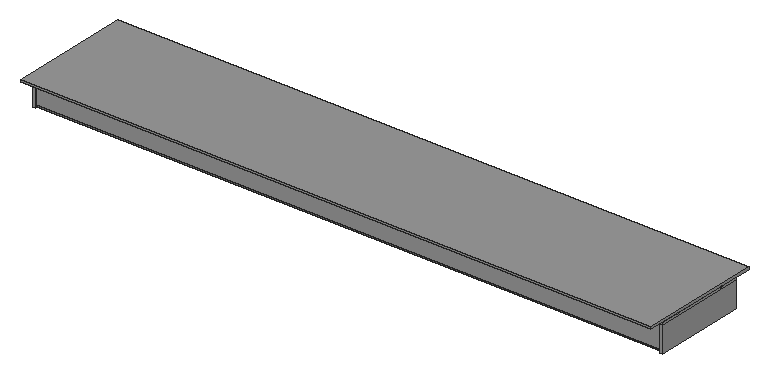
Revit family "Berica 2.2 M", category Lighting Fixtures, Revit 2020 (continued)
Definition of nested family "Light Source Berica 2.2"
  Types (4, lengths in mm): name | Photometric Web File | built-in parameter 1150142
      31.82 27.39 23.42 18.85 14.86 \r\n10.29 5.74 0.76 0.15 0.10 0.07 0.06 0.06 0.06 0.06 0.06 \r\n0.06 0.06 0.06 0.06 0.06 0.06 0.06 0.06 0.07 0.07 0.07 \r\n0.07 0.08 0.08 0.08 0.08 0.08 0.09 0.09 0.09 0.09 0.09 \r\n0.09 0.09 0.10 0.09 0.09 0.09 0.09 0.09 0.09 0.09 0.08 \r\n0.08 0.08 0.08 0.08 0.07 0.07 0.07 0.07 0.06 0.06 0.06 \r\n0.06 0.06 0.06 0.06 0.06 0.06 0.06 0.06 0.06 0.06 0.07 \r\n0.10 0.15 0.76 5.74 10.29 14.86 18.85 23.42 27.39 31.82 \r\n35.75 39.92 44.45 49.80 55.49 63.35 71.68 80.95 91.80 \r\n103.28 118.24 134.93 154.50 175.50 207.28 253.92 325.30 \r\n374.49 427.07 470.92 509.77 562.97 619.49 678.47 730.71 \r\n783.94 821.38 857.42 889.50 927.34 964.63 1000.22 1036.95 \r\n1070.23 1108.13 1142.89 1183.22 1217.73 1253.80 1287.79 \r\n1324.05 1354.41 1384.64 1413.03 1443.18 1469.80 1490.45 \r\n1505.93 1515.91 1523.51 \r\n1523.51 1516.65 1505.48 1492.62 1473.05 1448.96 1419.90 \r\n1393.17 1362.78 1334.94 1299.28 1267.34 1231.28 1194.99 \r\n1159.22 1125.63 1087.93 1056.77 1021.33 985.34 948.15 \r\n910.78 875.80 841.23 811.30 768.82 720.37 667.88 616.78 \r\n559.15 504.72 466.46 426.63 377.43 325.22 264.27 210.85 \r\n181.95 158.44 140.60 121.58 107.76 93.79 83.46 73.58 \r\n65.22 57.06 50.76 45.16 40.69 36.48 32.38 28.14 23.48 \r\n19.49 15.17 10.82 6.05 1.10 0.15 0.11 0.07 0.06 0.05 0.05 \r\n0.05 0.05 0.05 0.05 0.05 0.05 0.05 0.05 0.05 0.06 0.06 \r\n0.06 0.06 0.06 0.06 0.06 0.06 0.06 0.06 0.07 0.07 0.07 \r\n0.07 0.07 0.07 0.07 0.07 0.07 0.07 0.07 0.07 0.07 0.06 \r\n0.06 0.06 0.06 0.06 0.06 0.06 0.06 0.06 0.06 0.05 0.05 \r\n0.05 0.05 0.05 0.05 0.05 0.05 0.05 0.05 0.05 0.06 0.07 \r\n0.11 0.15 1.10 6.05 10.82 15.17 19.49 23.48 28.14 32.38 \r\n36.48 40.69 45.16 50.76 57.06 65.22 73.58 83.46 93.79 \r\n107.76 121.58 140.60 158.44 181.95 210.85 264.27 325.22 \r\n377.43 426.63 466.46 504.72 559.15 616.78 667.88 720.37 \r\n768.82 811.30 841.23 875.80 910.78 948.15 985.34 1021.33 \r\n1056.77 1087.93 1125.63 1159.22 1194.99 1231.28 1267.34 \r\n1299.28 1334.94 1362.78 1393.17 1419.90 1448.96 1473.05 \r\n1492.62 1505.48 1516.65 1523.51 \r\n1523.51 1516.69 1507.02 1494.44 1477.06 1455.14 1427.95 \r\n1401.16 1373.98 1342.91 1315.28 1282.36 1250.14 1216.23 \r\n1181.32 1146.19 1113.20 1079.82 1045.27 1012.25 976.62 \r\n940.62 905.00 868.13 835.14 804.13 762.89 720.74 666.88 \r\n618.32 565.12 512.82 470.81 434.14 392.02 344.66 288.90 \r\n237.14 194.58 170.15 150.91 132.64 115.84 101.83 89.14 \r\n79.26 69.70 61.03 53.78 48.12 43.04 38.13 34.03 29.71 \r\n25.19 21.04 16.61 12.11 7.66 2.49 0.19 0.13 0.08 0.06 \r\n0.05 0.05 0.05 0.05 0.05 0.05 0.05 0.05 0.05 0.05 0.05 \r\n0.05 0.05 0.05 0.05 0.05 0.05 0.06 0.06 0.06 0.06 0.06 \r\n0.06 0.06 0.06 0.06 0.06 0.06 0.06 0.06 0.06 0.06 0.06 \r\n0.06 0.06 0.06 0.05 0.05 0.05 0.05 0.05 0.05 0.05 0.05 \r\n0.05 0.05 0.05 0.05 0.05 0.05 0.05 0.05 0.05 0.06 0.08 \r\n0.13 0.19 2.49 7.66 12.11 16.61 21.04 25.19 29.71 34.03 \r\n38.13 43.04 48.12 53.78 61.03 69.70 79.26 89.14 101.83 \r\n115.84 132.64 150.91 170.15 194.58 237.14 288.90 344.66 \r\n392.02 434.14 470.81 512.82 565.12 618.32 666.88 720.74 \r\n762.89 804.13 835.14 868.13 905.00 940.62 976.62 1012.25 \r\n1045.27 1079.82 1113.20 1146.19 1181.32 1216.23 1250.14 \r\n1282.36 1315.28 1342.91 1373.98 1401.16 1427.95 1455.14 \r\n1477.06 1494.44 1507.02 1516.69 1523.51 \r\n1523.51 1517.70 1509.34 1496.71 1480.32 1460.70 1436.52 \r\n1410.82 1384.98 1358.58 1331.18 1300.33 1272.08 1235.39 \r\n1206.19 1170.78 1138.96 1104.41 1072.04 1037.48 1007.64 \r\n974.27 939.60 903.39 866.14 835.20 800.10 767.70 724.48 \r\n678.83 630.87 583.01 531.20 484.01 445.41 412.79 369.80 \r\n323.61 278.09 221.93 189.48 167.02 148.46 129.54 114.36 \r\n99.57 88.39 77.67 68.59 59.62 52.47 46.67 41.41 36.64 \r\n32.44 28.14 23.27 19.25 14.37 10.23 5.48 0.72 0.16 0.11 \r\n0.07 0.06 0.06 0.06 0.06 0.06 0.06 0.06 0.06 0.06 0.06 \r\n0.06 0.06 0.06 0.06 0.06 0.06 0.06 0.06 0.07 0.07 0.07 \r\n0.07 0.07 0.07 0.07 0.07 0.07 0.07 0.07 0.07 0.07 0.07 \r\n0.07 0.06 0.06 0.06 0.06 0.06 0.06 0.06 0.06 0.06 0.06 \r\n0.06 0.06 0.06 0.06 0.06 0.06 0.06 0.06 0.07 0.11 0.16 \r\n0.72 5.48 10.23 14.37 19.25 23.27 28.14 32.44 36.64 41.41 \r\n46.67 52.47 59.62 68.59 77.67 88.39 99.57 114.36 129.54 \r\n148.46 167.02 189.48 221.93 278.09 323.61 369.80 412.79 \r\n445.41 484.01 531.20 583.01 630.87 678.83 724.48 767.70 \r\n800.10 835.20 866.14 903.39 939.60 974.27 1007.64 1037.48 \r\n1072.04 1104.41 1138.96 1170.78 1206.19 1235.39 1272.08 \r\n1300.33 1331.18 1358.58 1384.98 1410.82 1436.52 1460.70 \r\n1480.32 1496.71 1509.34 1517.70 1523.51 \r\n1523.51 1518.34 1509.52 1498.67 1484.98 1466.87 1444.60 \r\n1422.01 1397.68 1374.25 1346.90 1321.84 1293.16 1263.12 \r\n1230.37 1199.10 1168.88 1136.67 1106.26 1073.54 1041.10 \r\n1007.88 975.91 941.89 909.32 873.26 838.17 804.48 771.79 \r\n737.81 698.28 654.72 610.23 560.80 514.48 470.30 432.56 \r\n401.98 364.41 324.20 280.79 233.13 195.28 172.85 152.03 \r\n134.73 118.07 103.48 91.26 80.30 70.76 61.26 53.40 47.09 \r\n41.36 36.41 32.35 27.77 22.96 18.08 13.36 9.07 4.49 0.36 \r\n0.17 0.11 0.09 0.08 0.08 0.08 0.08 0.08 0.08 0.08 0.08 \r\n0.08 0.08 0.08 0.08 0.08 0.08 0.08 0.08 0.08 0.08 0.08 \r\n0.08 0.08 0.08 0.08 0.08 0.08 0.08 0.08 0.08 0.08 0.08 \r\n0.08 0.08 0.08 0.08 0.08 0.08 0.08 0.08 0.08 0.08 0.08 \r\n0.08 0.08 0.08 0.08 0.08 0.08 0.09 0.11 0.17 0.36 4.49 \r\n9.07 13.36 18.08 22.96 27.77 32.35 36.41 41.36 47.09 \r\n53.40 61.26 70.76 80.30 91.26 103.48 118.07 134.73 152.03 \r\n172.85 195.28 233.13 280.79 324.20 364.41 401.98 432.56 \r\n470.30 514.48 560.80 610.23 654.72 698.28 737.81 771.79 \r\n804.48 838.17 873.26 909.32 941.89 975.91 1007.88 1041.10 \r\n1073.54 1106.26 1136.67 1168.88 1199.10 1230.37 1263.12 \r\n1293.16 1321.84 1346.90 1374.25 1397.68 1422.01 1444.60 \r\n1466.87 1484.98 1498.67 1509.52 1518.34 1523.51 \r\n1523.51 1518.50 1511.27 1501.34 1490.15 1476.56 1455.93 \r\n1434.49 1412.79 1389.46 1366.65 1340.41 1316.21 1287.08 \r\n1258.47 1231.21 1202.28 1171.31 1141.66 1109.73 1078.58 \r\n1046.95 1015.48 985.99 952.96 919.08 885.73 851.42 816.19 \r\n782.68 750.40 719.66 682.90 641.99 596.35 557.91 514.24 \r\n469.50 431.67 399.40 368.91 333.89 296.42 254.79 210.92 \r\n183.12 163.12 145.54 129.58 114.37 98.79 87.47 76.12 \r\n66.11 57.01 49.74 43.42 37.90 33.19 28.49 23.43 18.72 \r\n13.61 8.94 4.61 0.72 0.40 0.33 0.28 0.26 0.25 0.23 0.21 \r\n0.20 0.18 0.17 0.15 0.13 0.12 0.11 0.11 0.10 0.10 0.10 \r\n0.10 0.10 0.10 0.10 0.10 0.10 0.10 0.10 0.10 0.10 0.10 \r\n0.10 0.10 0.10 0.10 0.10 0.11 0.11 0.12 0.13 0.15 0.17 \r\n0.18 0.20 0.21 0.23 0.25 0.26 0.28 0.33 0.40 0.72 4.61 \r\n8.94 13.61 18.72 23.43 28.49 33.19 37.90 43.42 49.74 \r\n57.01 66.11 76.12 87.47 98.79 114.37 129.58 145.54 163.12 \r\n183.12 210.92 254.79 296.42 333.89 368.91 399.40 431.67 \r\n469.50 514.24 557.91 596.35 641.99 682.90 719.66 750.40 \r\n782.68 816.19 851.42 885.73 919.08 952.96 985.99 1015.48 \r\n1046.95 1078.58 1109.73 1141.66 1171.31 1202.28 1231.21 \r\n1258.47 1287.08 1316.21 1340.41 1366.65 1389.46 1412.79 \r\n1434.49 1455.93 1476.56 1490.15 1501.34 1511.27 1518.50 \r\n1523.51 \r\n1523.51 1519.23 1513.54 1504.45 1494.51 1481.77 1466.73 \r\n1448.32 1428.81 1406.33 1385.63 1365.22 1340.37 1316.45 \r\n1290.91 1263.89 1237.15 1209.75 1178.53 1152.91 1121.98 \r\n1092.68 1060.60 1030.14 999.87 969.65 935.68 906.65 \r\n871.74 838.24 805.63 769.03 739.28 705.47 674.54 637.90 \r\n598.29 558.08 522.70 481.53 445.16 407.96 377.49 349.12 \r\n318.49 286.87 249.88 213.64 185.36 165.50 146.64 132.10 \r\n114.28 101.23 87.63 76.33 65.57 56.71 48.50 42.10 36.05 \r\n31.11 25.99 20.52 15.98 10.81 6.47 2.48 1.50 1.34 1.23 \r\n1.15 1.08 0.99 0.91 0.82 0.74 0.64 0.55 0.47 0.38 0.31 \r\n0.23 0.18 0.13 0.12 0.12 0.12 0.12 0.12 0.12 0.12 0.12 \r\n0.12 0.12 0.12 0.13 0.18 0.23 0.31 0.38 0.47 0.55 0.64 \r\n0.74 0.82 0.91 0.99 1.08 1.15 1.23 1.34 1.50 2.48 6.47 \r\n10.81 15.98 20.52 25.99 31.11 36.05 42.10 48.50 56.71 \r\n65.57 76.33 87.63 101.23 114.28 132.10 146.64 165.50 \r\n185.36 213.64 249.88 286.87 318.49 349.12 377.49 407.96 \r\n445.16 481.53 522.70 558.08 598.29 637.90 674.54 705.47 \r\n739.28 769.03 805.63 838.24 871.74 906.65 935.68 969.65 \r\n999.87 1030.14 1060.60 1092.68 1121.98 1152.91 1178.53 \r\n1209.75 1237.15 1263.89 1290.91 1316.45 1340.37 1365.22 \r\n1385.63 1406.33 1428.81 1448.32 1466.73 1481.77 1494.51 \r\n1504.45 1513.54 1519.23 1523.51 \r\n1523.51 1519.25 1513.59 1506.67 1498.77 1489.32 1476.29 \r\n1462.35 1444.60 1425.80 1406.46 1385.52 1365.88 1342.61 \r\n1322.29 1297.42 1274.21 1247.18 1222.55 1194.68 1167.43 \r\n1138.26 1111.29 1082.49 1052.24 1020.97 991.17 961.90 \r\n928.00 898.89 864.78 834.97 800.95 765.91 730.79 699.23 \r\n665.39 638.05 605.54 570.78 535.59 499.27 464.78 431.30 \r\n395.77 365.04 340.19 313.02 288.65 258.23 228.75 196.86 \r\n173.28 155.72 139.57 122.29 108.77 94.10 81.57 69.96 \r\n58.40 50.08 42.35 36.10 31.00 25.79 20.22 15.06 10.32 \r\n6.59 3.82 3.47 3.22 2.96 2.76 2.50 2.27 2.02 1.78 1.53 \r\n1.29 1.03 0.82 0.60 0.41 0.25 0.17 0.15 0.15 0.15 0.15 \r\n0.15 0.15 0.15 0.17 0.25 0.41 0.60 0.82 1.03 1.29 1.53 \r\n1.78 2.02 2.27 2.50 2.76 2.96 3.22 3.47 3.82 6.59 10.32 \r\n15.06 20.22 25.79 31.00 36.10 42.35 50.08 58.40 69.96 \r\n81.57 94.10 108.77 122.29 139.57 155.72 173.28 196.86 \r\n228.75 258.23 288.65 313.02 340.19 365.04 395.77 431.30 \r\n464.78 499.27 535.59 570.78 605.54 638.05 665.39 699.23 \r\n730.79 765.91 800.95 834.97 864.78 898.89 928.00 961.90 \r\n991.17 1020.97 1052.24 1082.49 1111.29 1138.26 1167.43 \r\n1194.68 1222.55 1247.18 1274.21 1297.42 1322.29 1342.61 \r\n1365.88 1385.52 1406.46 1425.80 1444.60 1462.35 1476.29 \r\n1489.32 1498.77 1506.67 1513.59 1519.25 1523.51 \r\n1523.51 1519.99 1516.01 1509.81 1502.83 1495.29 1485.27 \r\n1474.30 1461.75 1446.00 1429.19 1409.58 1392.67 1373.32 \r\n1353.35 1332.56 1310.65 1289.35 1265.25 1241.19 1217.03 \r\n1190.03 1164.53 1138.71 1109.37 1080.95 1052.45 1022.16 \r\n992.42 961.02 930.04 900.53 868.07 835.20 803.50 769.90 \r\n735.97 704.36 671.05 639.36 607.83 578.18 546.53 517.77 \r\n487.38 456.10 423.55 394.21 365.54 336.38 311.66 288.24 \r\n266.69 243.13 218.02 192.67 171.79 153.28 137.64 121.87 \r\n106.76 92.96 80.17 68.39 57.33 48.27 41.02 35.05 29.57 \r\n24.01 18.57 13.78 10.12 8.12 7.47 6.81 6.17 5.59 4.92 \r\n4.32 3.68 3.04 2.46 1.92 1.36 0.89 0.50 0.25 0.19 0.19 \r\n0.19 0.19 0.19 0.25 0.50 0.89 1.36 1.92 2.46 3.04 3.68 \r\n4.32 4.92 5.59 6.17 6.81 7.47 8.12 10.12 13.78 18.57 \r\n24.01 29.57 35.05 41.02 48.27 57.33 68.39 80.17 92.96 \r\n106.76 121.87 137.64 153.28 171.79 192.67 218.02 243.13 \r\n266.69 288.24 311.66 336.38 365.54 394.21 423.55 456.10 \r\n487.38 517.77 546.53 578.18 607.83 639.36 671.05 704.36 \r\n735.97 769.90 803.50 835.20 868.07 900.53 930.04 961.02 \r\n992.42 1022.16 1052.45 1080.95 1109.37 1138.71 1164.53 \r\n1190.03 1217.03 1241.19 1265.25 1289.35 1310.65 1332.56 \r\n1353.35 1373.32 1392.67 1409.58 1429.19 1446.00 1461.75 \r\n1474.30 1485.27 1495.29 1502.83 1509.81 1516.01 1519.99 \r\n1523.51 \r\n1523.51 1520.80 1517.39 1512.96 1507.04 1500.52 1493.34 \r\n1484.79 1474.66 1463.21 1449.93 1435.85 1420.08 1401.68 \r\n1383.39 1366.19 1346.64 1329.42 1308.25 1287.07 1265.51 \r\n1242.01 1218.92 1193.84 1167.41 1142.51 1115.08 1087.61 \r\n1057.60 1028.51 998.47 968.55 936.03 905.88 873.19 841.26 \r\n810.09 775.87 745.06 712.36 682.52 650.51 618.29 586.13 \r\n555.51 525.69 499.20 470.67 445.09 419.30 392.14 365.42 \r\n341.86 315.49 292.92 268.47 248.97 229.48 211.60 191.67 \r\n173.46 154.45 139.22 124.63 111.15 98.95 85.21 73.10 \r\n61.52 52.05 44.12 38.04 32.08 26.74 21.54 17.73 15.59 \r\n13.89 12.60 11.07 9.65 8.17 6.71 5.25 3.98 2.69 1.54 0.70 \r\n0.30 0.24 0.24 0.24 0.30 0.70 1.54 2.69 3.98 5.25 6.71 \r\n8.17 9.65 11.07 12.60 13.89 15.59 17.73 21.54 26.74 32.08 \r\n38.04 44.12 52.05 61.52 73.10 85.21 98.95 111.15 124.63 \r\n139.22 154.45 173.46 191.67 211.60 229.48 248.97 268.47 \r\n292.92 315.49 341.86 365.42 392.14 419.30 445.09 470.67 \r\n499.20 525.69 555.51 586.13 618.29 650.51 682.52 712.36 \r\n745.06 775.87 810.09 841.26 873.19 905.88 936.03 968.55 \r\n998.47 1028.51 1057.60 1087.61 1115.08 1142.51 1167.41 \r\n1193.84 1218.92 1242.01 1265.51 1287.07 1308.25 1329.42 \r\n1346.64 1366.19 1383.39 1401.68 1420.08 1435.85 1449.93 \r\n1463.21 1474.66 1484.79 1493.34 1500.52 1507.04 1512.96 \r\n1517.39 1520.80 1523.51 \r\n1523.51 1521.38 1518.93 1515.10 1510.49 1505.80 1500.47 \r\n1493.62 1486.60 1477.74 1468.10 1457.20 1445.13 1432.78 \r\n1417.17 1401.37 1384.63 1367.32 1350.36 1332.13 1312.94 \r\n1292.67 1270.94 1249.58 1227.69 1203.28 1179.57 1151.76 \r\n1126.43 1097.92 1070.07 1041.74 1010.67 978.59 949.25 \r\n916.67 883.12 851.61 818.25 786.62 753.66 720.30 690.06 \r\n658.98 627.51 597.72 567.75 539.72 510.96 484.99 457.34 \r\n431.63 405.26 380.75 357.50 336.16 315.69 294.73 275.24 \r\n255.16 235.90 218.76 202.10 186.34 171.69 157.47 143.80 \r\n129.56 116.65 105.37 93.49 81.35 70.08 59.97 51.46 44.31 \r\n38.33 32.99 28.52 25.03 21.98 19.07 16.08 13.18 10.06 \r\n7.23 4.62 2.25 0.76 0.31 0.29 0.31 0.76 2.25 4.62 7.23 \r\n10.06 13.18 16.08 19.07 21.98 25.03 28.52 32.99 38.33 \r\n44.31 51.46 59.97 70.08 81.35 93.49 105.37 116.65 129.56 \r\n143.80 157.47 171.69 186.34 202.10 218.76 235.90 255.16 \r\n275.24 294.73 315.69 336.16 357.50 380.75 405.26 431.63 \r\n457.34 484.99 510.96 539.72 567.75 597.72 627.51 658.98 \r\n690.06 720.30 753.66 786.62 818.25 851.61 883.12 916.67 \r\n949.25 978.59 1010.67 1041.74 1070.07 1097.92 1126.43 \r\n1151.76 1179.57 1203.28 1227.69 1249.58 1270.94 1292.67 \r\n1312.94 1332.13 1350.36 1367.32 1384.63 1401.37 1417.17 \r\n1432.78 1445.13 1457.20 1468.10 1477.74 1486.60 1493.62 \r\n1500.47 1505.80 1510.49 1515.10 1518.93 1521.38 1523.51 \r\n1523.51 1522.29 1520.69 1518.23 1514.78 1510.58 1506.83 \r\n1501.55 1495.98 1489.12 1481.33 1472.87 1464.09 1452.99 \r\n1443.01 1430.96 1418.76 1405.39 1389.98 1375.24 1357.72 \r\n1340.36 1322.25 1301.81 1280.72 1259.47 1237.05 1213.72 \r\n1187.25 1161.24 1138.24 1108.82 1080.26 1049.78 1018.47 \r\n988.43 955.41 923.58 891.36 857.87 824.20 790.06 756.10 \r\n725.99 692.76 661.01 629.21 599.33 569.21 541.79 513.46 \r\n485.34 459.61 433.95 411.44 387.72 365.23 344.98 325.15 \r\n305.42 287.76 268.33 252.85 236.32 221.36 206.58 192.19 \r\n179.45 165.65 152.65 139.93 128.56 117.23 107.08 96.12 \r\n85.79 75.92 67.17 58.70 51.53 45.31 39.79 34.27 28.32 \r\n22.85 17.21 11.96 6.69 2.88 0.76 0.39 0.76 2.88 6.69 \r\n11.96 17.21 22.85 28.32 34.27 39.79 45.31 51.53 58.70 \r\n67.17 75.92 85.79 96.12 107.08 117.23 128.56 139.93 \r\n152.65 165.65 179.45 192.19 206.58 221.36 236.32 252.85 \r\n268.33 287.76 305.42 325.15 344.98 365.23 387.72 411.44 \r\n433.95 459.61 485.34 513.46 541.79 569.21 599.33 629.21 \r\n661.01 692.76 725.99 756.10 790.06 824.20 857.87 891.36 \r\n923.58 955.41 988.43 1018.47 1049.78 1080.26 1108.82 \r\n1138.24 1161.24 1187.25 1213.72 1237.05 1259.47 1280.72 \r\n1301.81 1322.25 1340.36 1357.72 1375.24 1389.98 1405.39 \r\n1418.76 1430.96 1443.01 1452.99 1464.09 1472.87 1481.33 \r\n1489.12 1495.98 1501.55 1506.83 1510.58 1514.78 1518.23 \r\n1520.69 1522.29 1523.51 \r\n1523.51 1522.02 1520.95 1518.86 1516.85 1514.77 1510.93 \r\n1507.41 1503.25 1498.14 1491.85 1485.01 1477.03 1468.60 \r\n1459.22 1448.98 1439.52 1427.59 1416.28 1402.84 1389.12 \r\n1374.22 1359.74 1342.65 1325.50 1305.32 1286.76 1266.09 \r\n1242.23 1219.59 1194.54 1168.64 1140.74 1112.16 1081.33 \r\n1052.29 1017.46 988.88 954.02 921.25 886.64 851.72 818.37 \r\n784.13 749.49 716.66 684.15 651.65 622.29 589.60 562.59 \r\n532.14 504.55 477.13 451.94 426.89 405.15 382.54 361.70 \r\n341.18 321.70 304.07 286.87 270.12 254.83 240.11 225.50 \r\n212.10 198.52 186.70 173.83 162.60 150.49 139.58 128.91 \r\n118.11 108.45 98.41 88.51 79.46 70.21 61.32 53.79 44.74 \r\n36.99 28.70 20.91 13.50 6.78 2.10 0.70 2.10 6.78 13.50 \r\n20.91 28.70 36.99 44.74 53.79 61.32 70.21 79.46 88.51 \r\n98.41 108.45 118.11 128.91 139.58 150.49 162.60 173.83 \r\n186.70 198.52 212.10 225.50 240.11 254.83 270.12 286.87 \r\n304.07 321.70 341.18 361.70 382.54 405.15 426.89 451.94 \r\n477.13 504.55 532.14 562.59 589.60 622.29 651.65 684.15 \r\n716.66 749.49 784.13 818.37 851.72 886.64 921.25 954.02 \r\n988.88 1017.46 1052.29 1081.33 1112.16 1140.74 1168.64 \r\n1194.54 1219.59 1242.23 1266.09 1286.76 1305.32 1325.50 \r\n1342.65 1359.74 1374.22 1389.12 1402.84 1416.28 1427.59 \r\n1439.52 1448.98 1459.22 1468.60 1477.03 1485.01 1491.85 \r\n1498.14 1503.25 1507.41 1510.93 1514.77 1516.85 1518.86 \r\n1520.95 1522.02 1523.51 \r\n1523.51 1523.19 1522.77 1521.49 1519.62 1517.29 1514.87 \r\n1511.65 1508.05 1503.46 1498.34 1492.
      92 1486.39 1477.09 \r\n1470.39 1461.43 1451.62 1441.65 1430.34 1419.20 1405.78 \r\n1393.20 1378.66 1362.46 1346.64 1328.29 1308.82 1289.74 \r\n1266.84 1244.95 1223.30 1196.55 1171.40 1142.56 1112.74 \r\n1082.27 1052.18 1020.02 989.56 954.18 922.20 885.89 \r\n853.23 818.00 783.25 749.71 716.58 683.29 652.18 622.21 \r\n589.72 560.44 531.01 504.93 476.91 453.06 428.58 406.90 \r\n384.01 363.68 344.09 325.60 308.17 290.97 274.56 259.50 \r\n245.18 230.72 217.49 204.64 191.84 179.44 167.86 157.07 \r\n145.31 134.53 123.67 113.25 102.68 92.69 82.56 73.56 \r\n63.65 53.93 44.62 35.34 26.13 17.34 10.01 4.34 2.33 4.34 \r\n10.01 17.34 26.13 35.34 44.62 53.93 63.65 73.56 82.56 \r\n92.69 102.68 113.25 123.67 134.53 145.31 157.07 167.86 \r\n179.44 191.84 204.64 217.49 230.72 245.18 259.50 274.56 \r\n290.97 308.17 325.60 344.09 363.68 384.01 406.90 428.58 \r\n453.06 476.91 504.93 531.01 560.44 589.72 622.21 652.18 \r\n683.29 716.58 749.71 783.25 818.00 853.23 885.89 922.20 \r\n954.18 989.56 1020.02 1052.18 1082.27 1112.74 1142.56 \r\n1171.40 1196.55 1223.30 1244.95 1266.84 1289.74 1308.82 \r\n1328.29 1346.64 1362.46 1378.66 1393.20 1405.78 1419.20 \r\n1430.34 1441.65 1451.62 1461.43 1470.39 1477.09 1486.39 \r\n1492.92 1498.34 1503.46 1508.05 1511.65 1514.87 1517.29 \r\n1519.62 1521.49 1522.77 1523.19 1523.51 \r\n"
